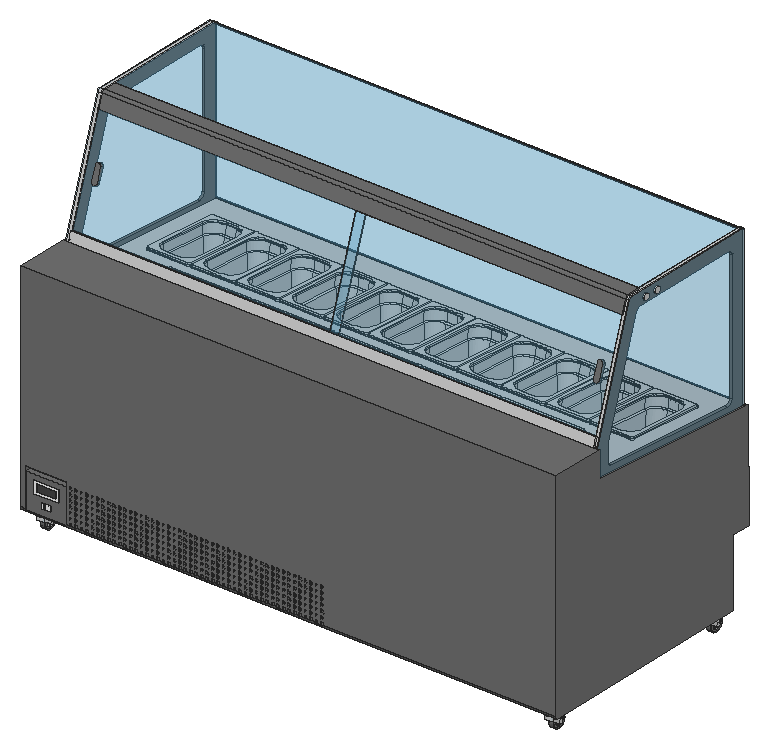
Revit family "QF_BLIZZARD_LUXE15_250923021827", category Specialty Equipment, Revit 2021
Family settings
  Round Connector Dimension = Use Diameter
  Part Type = Normal
  OmniClass Number = 23.40.40.14
  OmniClass Title = Food Service Equipment
  Work Plane-Based = No
  Always vertical = Yes
  Cut with Voids When Loaded = No
  Shared = No
  Room Calculation Point = No
Parameters (values of type "SUNDAE15")
  Weight [instance] = 402.00 kg
  Warranty Start Date [instance] = ""
  Warranty Duration [instance] = ""
  Volts [instance] = 230 V
  Volt Free Conn [instance] = no
  URL Recommended Spares List [instance] = ""
  URL Manufacturer [instance] = ""
  URL Cutsheet [instance] = ""
  URL Critical Spares List [instance] = ""
  URL = "www.blizzardequipment.com"
  Technical Documentation [instance] = ""
  Tag Number [instance] = ""
  Status [instance] = ""
  Start Up Current [instance] = 0 A
  Specification by User [instance] = ""
  Specification by Manufacturer [instance] = ""
  Sound Level [instance] = ""
  Show Logo [instance] = yes
  Show Clearances [instance] = yes
  Service Life Duration [instance] = ""
  Serial Number [instance] = ""
  Seismic Rating [instance] = ""
  SMACNA No [instance] = ""
  Revision Code [instance] = ""
  Revision [instance] = ""
  Production Year [instance] = ""
  Potential Equalisation [instance] = no
  Point Load [instance] = 0
  Phase [instance] = 1
  Other Equipment Approvals [instance] = ""
  Operational Current [instance] = 0 A
  Number of Poles [instance] = 2
  No Load Power Draw [instance] = no
  NAFEM Spec ID Number [instance] = ""
  Model Warning [instance] = ""
  Model = "LUXE15"
  Min Ckt Ampacity [instance] = 0 A
  Max Overcurrent Protection [instance] = 16 A
  Masterspec [instance] = ""
  Manufacturer = "BLIZZARD"
  Main switch integrated [instance] = no
  Length Actual [instance] = 1960 mm
  Item Number [instance] = ""
  Installed By [instance] = ""
  Installation Date [instance] = ""
  Identify Quantity as Lot [instance] = no
  ID [instance] = ""
  Hygiene Approval [instance] = ""
  Height Actual [instance] = 1300 mm
  HP power [instance] = ""
  Furnished By [instance] = ""
  Foodservice Equipment Identifier [instance] = no
  FL Amps [instance] = 13 A
  Electrical Remarks [instance] = ""
  Electric power [instance] = 2990 W
  Electric Connection Type [instance] = ""
  Elec Conn RI Height [instance] = 0 mm
  Elec Conn Connection Height [instance] = 0 mm
  ETL Approved [instance] = no
  Description = "15 PAN ICE CREAM SERVE OVER"
  Depth Actual [instance] = 880 mm
  Default Elevation = 0 mm
  Cycle [instance] = 50 Hz
  Cost = 5803
  Connection to energy optimisation system [instance] = yes
  Conn Plug [instance] = ""
  Conn Conduit [instance] = no
  Centralized building control system with digital interface [instance] = ""
  CSI MasterFormat [instance] = ""
  CE Approved [instance] = no
  Barcode [instance] = 0
  Author [instance] = ""
  Asset Identifier [instance] = ""
  Apparent Power [instance] = 2990 VA
  Accessory [instance] = no
Reference planes
  plane 1 "Center (Front/Back)": y = 0
  plane 2: z = 0
  plane 3 "Center (Left/Right)": x = 0
Forms (mm)
  Extrusion 1, solid, not visible
    sketch origin (100.005, -878.043, 110.005) x (1, 0, 0) y (0, 1, 0)
      loop
        line (-2, 2) -> (-2, -2) -> (2, -2) -> (2, 2) -> (-2, 2)
    from -2 to 2
Dimensions and locks
  locked: nested 2 to Extrusion 1 at 4
  locked: nested 2 to Extrusion 1 at 2
  aligned and locked: level to plane 2
Nested families
  nested 1: "QF_BLIZZARD_SUNDAE15_2920" at (0, 0, 0), type "SUNDAE15"
    with Weight 402.00 kg, Warranty Start Date "", Warranty Duration "", URL Cutsheet "", Technical Documentation "", Tag Number "", Status "", Specification by User "", Specification by Manufacturer "", Sound Level "", Solid Fuel Type "", Show Logo yes, Show Clearances yes, Service Life Duration "", Serial Number "", Seismic Rating "", SMACNA No "", Revision Code "", Revision "", Production Year "", Point Load 0, Other Equipment Approvals "", NAFEM Spec ID Number "", Model Warning "", Masterspec "", Length Actual 1960 mm, Item Number "", Installed By "", Installation Date "", Identify Quantity as Lot yes, ID "", Hygiene Approval "", Height Actual 1300 mm, Furnished By "", Foodservice Equipment Identifier yes, ETL Approved yes, Depth Actual 880 mm, CSI MasterFormat "", CE Approved yes, Barcode "", Asset Identifier "", Accessory no
  nested 2: "CONN_POINT_ELE_2D___Generic_Annotation" at (100.005, -880.043, 110.005), type "CONN_POINT_ELE_2D___Generic_Annotation"
    with Onboard connection annotation symbol visibility yes
Connectors
  electrical at (100.005, -880.043, 110.005), driven by "Apparent Power", driven by "Number of Poles", driven by "Volts"
    settings: on Extrusion 1, index 1, voltage 230 V, apparent load 0 VA, apparent load phase1 2990 VA, apparent load phase2 0 VA, apparent load phase3 0 VA, power factor 1, load classification "Other", number of poles 2, system type 31, power factor state 1, is connector primary yes, connector utility no, sub classification motor no, connector description "Electrical connection for LUXE15"
Definition of nested family "QF_BLIZZARD_SUNDAE15_2920"
  Parameters (values of type "SUNDAE15")
    Weight [instance] = 0.00 kg
    Warranty Start Date [instance] = ""
    Warranty Duration [instance] = ""
    URL Cutsheet [instance] = ""
    URL = "www.blizzardequipment.com"
    Technical Documentation [instance] = ""
    Tag Number [instance] = ""
    Status [instance] = ""
    Specification by User [instance] = ""
    Specification by Manufacturer [instance] = ""
    Sound Level [instance] = ""
    Solid Fuel Type [instance] = ""
    Show Logo [instance] = yes
    Show Clearances [instance] = yes
    Service Life Duration [instance] = ""
    Serial Number [instance] = ""
    Seismic Rating [instance] = ""
    SMACNA No [instance] = ""
    Revision Code [instance] = ""
    Revision [instance] = ""
    Production Year [instance] = ""
    Point Load [instance] = 0
    Other Equipment Approvals [instance] = ""
    NAFEM Spec ID Number [instance] = ""
    Model Warning [instance] = ""
    Model = "LUXE15"
    Masterspec [instance] = ""
    Manufacturer = "BLIZZARD"
    Length Actual [instance] = 0 mm
    Item Number [instance] = ""
    Installed By [instance] = ""
    Installation Date [instance] = ""
    Identify Quantity as Lot [instance] = yes
    ID [instance] = ""
    Hygiene Approval [instance] = ""
    Height Actual [instance] = 0 mm
    Furnished By [instance] = ""
    Foodservice Equipment Identifier [instance] = yes
    ETL Approved [instance] = yes
    Description = "15 PAN ICE CREAM SERVE OVER"
    Depth Actual [instance] = 0 mm
    Default Elevation = 0 mm
    CSI MasterFormat [instance] = ""
    CE Approved [instance] = yes
    Barcode [instance] = ""
    Author = "SPECIFI"
    Asset Identifier [instance] = ""
    Assembly Code = "E1090320"
    Accessory [instance] = yes
  Reference planes
    plane 1 "Back": y = 0
    plane 2: z = 0
    plane 3 "Left": x = 0
    plane 4 "Right": x = 1960
    plane 5 "Front": y = -880
    plane 6 "Top": z = 1300
  Forms (mm)
    Extrusion 1, solid
      sketch origin (1954.5, -20.5, -39.345) x (-1, 0, 0) y (0, -1, 0)
        loop
          line (56, 104) -> (58, 104)
          arc (58, 104) -> (44.5, 117.5) -> (31, 104) r 13.5
          line (31, 104) -> (33, 104)
          arc (33, 104) -> (44.5, 115.5) -> (56, 104) r 11.5
      from 61.345 to 98.345
    Extrusion 2, solid
      sketch origin (1923.5, -37.722, -47.526) x (0, 1, 0) y (0, 0, -1)
        loop
          line (-86.778, -84.526) -> (-86.778, -106.526) -> (-55.778, -106.526) -> (-55.778, -101.526) -> (-47.778, -72.526)
          arc (-47.778, -72.526) -> (-50.121, -66.869) -> (-55.778, -64.526) r 8
          line (-55.778, -64.526) -> (-86.778, -84.526)
      from 0 to 2
    Revolve 3, solid
      sketch origin (1941.5, -93.5, -25.119) x (-1, 0, 0) y (0, 0, -1)
        loop
          arc (23.5, -25.119) -> (22.086, -25.705) -> (21.5, -27.119) r 2
          line (21.5, -27.119) -> (21.5, -35.119) -> (41.5, -35.119) -> (41.5, -27.119)
          arc (41.5, -27.119) -> (40.914, -25.705) -> (39.5, -25.119) r 2
          line (39.5, -25.119) -> (23.5, -25.119)
        axis (21.5, -50.119) -> (41.5, -50.119)
      angle from 0 to 360
    Extrusion 4, solid
      sketch origin (1931.11, -17.705, -12.526) x (0, 1, 0) y (0, 0, -1)
        loop
          circle (-75.795, -37.526) r 6
      from 6.11 to 36.11
    Extrusion 5, solid
      sketch origin (1915, 628.948, -19.119) x (0, 1, 0) y (0, 0, -1)
        loop
          circle (-722.448, -44.119) r 13
      from 0 to 10
    Extrusion 6, solid
      sketch origin (406.431, 626.454, 57) x (-1, 0, 0) y (0, -1, 0)
        loop
          arc (-1492.069, 750.954) -> (-1503.569, 762.454) -> (-1515.069, 750.954) r 11.5
          line (-1515.069, 750.954) -> (-1515.069, 719.954) -> (-1492.069, 719.954) -> (-1492.069, 750.954)
      from 0 to 2
    Revolve 7, solid
      sketch origin (1910, -160.579, -32) x (0, -1, 0) y (0, 0, -1)
        loop
          line (-22.579, -91) -> (-41.579, -91) -> (-41.579, -101) -> (-17.579, -101)
          arc (-17.579, -101) -> (-18.286, -100.707) -> (-18.579, -100) r 1
          line (-18.579, -100) -> (-18.579, -94)
          arc (-18.579, -94) -> (-18.872, -93.293) -> (-19.579, -93) r 1
          line (-19.579, -93) -> (-22.579, -93) -> (-22.579, -91)
        axis (-41.579, -91) -> (-41.579, -101)
      angle from 0 to 360
    Extrusion 8, solid
      sketch origin (1898.5, -37.722, -47.526) x (0, 1, 0) y (0, 0, -1)
        loop
          line (-86.778, -84.526) -> (-86.778, -106.526) -> (-55.778, -106.526) -> (-55.778, -101.526) -> (-47.778, -72.526)
          arc (-47.778, -72.526) -> (-50.121, -66.869) -> (-55.778, -64.526) r 8
          line (-55.778, -64.526) -> (-86.778, -84.526)
      from 0 to 2
    Extrusion 9, solid
      sketch origin (2200.983, -471.844, 169.646) x (0, 1, 0) y (0, 0, -1)
        loop
          circle (378.344, 144.646) r 15
        loop
          circle (378.344, 144.646) r 13
      from 280.983 to 300.983
    Extrusion 10, solid
      sketch origin (2181.573, -106.052, 69) x (-1, 0, 0) y (0, -1, 0)
        loop
          line (241.573, -17.052) -> (301.573, -17.052) -> (301.573, 42.948) -> (241.573, 42.948) -> (241.573, -17.052)
      from 0 to 2
    Extrusion 11, solid
      sketch origin (1954.5, -740.5, -39.345) x (-1, 0, 0) y (0, -1, 0)
        loop
          line (56, 104) -> (58, 104)
          arc (58, 104) -> (44.5, 117.5) -> (31, 104) r 13.5
          line (31, 104) -> (33, 104)
          arc (33, 104) -> (44.5, 115.5) -> (56, 104) r 11.5
      from 61.345 to 98.345
    Extrusion 12, solid
      sketch origin (1923.5, -757.722, -47.526) x (0, 1, 0) y (0, 0, -1)
        loop
          line (-86.778, -84.526) -> (-86.778, -106.526) -> (-55.778, -106.526) -> (-55.778, -101.526) -> (-47.778, -72.526)
          arc (-47.778, -72.526) -> (-50.121, -66.869) -> (-55.778, -64.526) r 8
          line (-55.778, -64.526) -> (-86.778, -84.526)
      from 0 to 2
    Revolve 13, solid
      sketch origin (1941.5, -813.5, -25.119) x (-1, 0, 0) y (0, 0, -1)
        loop
          arc (23.5, -25.119) -> (22.086, -25.705) -> (21.5, -27.119) r 2
          line (21.5, -27.119) -> (21.5, -35.119) -> (41.5, -35.119) -> (41.5, -27.119)
          arc (41.5, -27.119) -> (40.914, -25.705) -> (39.5, -25.119) r 2
          line (39.5, -25.119) -> (23.5, -25.119)
        axis (21.5, -50.119) -> (41.5, -50.119)
      angle from 0 to 360
    Extrusion 14, solid
      sketch origin (1931.11, -737.705, -12.526) x (0, 1, 0) y (0, 0, -1)
        loop
          circle (-75.795, -37.526) r 6
      from 6.11 to 36.11
    Extrusion 15, solid
      sketch origin (1915, -91.052, -19.119) x (0, 1, 0) y (0, 0, -1)
        loop
          circle (-722.448, -44.119) r 13
      from 0 to 10
    Extrusion 16, solid
      sketch origin (406.431, -93.546, 57) x (-1, 0, 0) y (0, -1, 0)
        loop
          arc (-1492.069, 750.954) -> (-1503.569, 762.454) -> (-1515.069, 750.954) r 11.5
          line (-1515.069, 750.954) -> (-1515.069, 719.954) -> (-1492.069, 719.954) -> (-1492.069, 750.954)
      from 0 to 2
    Revolve 17, solid
      sketch origin (1910, -880.579, -32) x (0, -1, 0) y (0, 0, -1)
        loop
          line (-22.579, -91) -> (-41.579, -91) -> (-41.579, -101) -> (-17.579, -101)
          arc (-17.579, -101) -> (-18.286, -100.707) -> (-18.579, -100) r 1
          line (-18.579, -100) -> (-18.579, -94)
          arc (-18.579, -94) -> (-18.872, -93.293) -> (-19.579, -93) r 1
          line (-19.579, -93) -> (-22.579, -93) -> (-22.579, -91)
        axis (-41.579, -91) -> (-41.579, -101)
      angle from 0 to 360
    Extrusion 18, solid
      sketch origin (1898.5, -757.722, -47.526) x (0, 1, 0) y (0, 0, -1)
        loop
          line (-86.778, -84.526) -> (-86.778, -106.526) -> (-55.778, -106.526) -> (-55.778, -101.526) -> (-47.778, -72.526)
          arc (-47.778, -72.526) -> (-50.121, -66.869) -> (-55.778, -64.526) r 8
          line (-55.778, -64.526) -> (-86.778, -84.526)
      from 0 to 2
    Extrusion 19, solid
      sketch origin (2200.983, -1191.844, 169.646) x (0, 1, 0) y (0, 0, -1)
        loop
          circle (378.344, 144.646) r 15
        loop
          circle (378.344, 144.646) r 13
      from 280.983 to 300.983
    Extrusion 20, solid
      sketch origin (2181.573, -826.052, 69) x (-1, 0, 0) y (0, -1, 0)
        loop
          line (241.573, -17.052) -> (301.573, -17.052) -> (301.573, 42.948) -> (241.573, 42.948) -> (241.573, -17.052)
      from 0 to 2
    Extrusion 21, solid
      sketch origin (1920, -594, 0) x (0, -1, 0) y (0, 0, 1)
        loop
          line (-485, 57) -> (-510, 57) -> (-534.62, 61.341) -> (-534.967, 59.372) -> (-510.175, 55) -> (-485, 55) -> (-485, 57)
      from 0 to 20
    Extrusion 22, solid
      sketch origin (94.5, -20.5, -39.345) x (-1, 0, 0) y (0, -1, 0)
        loop
          line (56, 104) -> (58, 104)
          arc (58, 104) -> (44.5, 117.5) -> (31, 104) r 13.5
          line (31, 104) -> (33, 104)
          arc (33, 104) -> (44.5, 115.5) -> (56, 104) r 11.5
      from 61.345 to 98.345
    Extrusion 23, solid
      sketch origin (63.5, -37.722, -47.526) x (0, 1, 0) y (0, 0, -1)
        loop
          line (-86.778, -84.526) -> (-86.778, -106.526) -> (-55.778, -106.526) -> (-55.778, -101.526) -> (-47.778, -72.526)
          arc (-47.778, -72.526) -> (-50.121, -66.869) -> (-55.778, -64.526) r 8
          line (-55.778, -64.526) -> (-86.778, -84.526)
      from 0 to 2
    Revolve 24, solid
      sketch origin (81.5, -93.5, -25.119) x (-1, 0, 0) y (0, 0, -1)
        loop
          arc (23.5, -25.119) -> (22.086, -25.705) -> (21.5, -27.119) r 2
          line (21.5, -27.119) -> (21.5, -35.119) -> (41.5, -35.119) -> (41.5, -27.119)
          arc (41.5, -27.119) -> (40.914, -25.705) -> (39.5, -25.119) r 2
          line (39.5, -25.119) -> (23.5, -25.119)
        axis (21.5, -50.119) -> (41.5, -50.119)
      angle from 0 to 360
    Extrusion 25, solid
      sketch origin (71.11, -17.705, -12.526) x (0, 1, 0) y (0, 0, -1)
        loop
          circle (-75.795, -37.526) r 6
      from 6.11 to 36.11
    Extrusion 26, solid
      sketch origin (55, 628.948, -19.119) x (0, 1, 0) y (0, 0, -1)
        loop
          circle (-722.448, -44.119) r 13
      from 0 to 10
    Extrusion 27, solid
      sketch origin (-1453.569, 626.454, 57) x (-1, 0, 0) y (0, -1, 0)
        loop
          arc (-1492.069, 750.954) -> (-1503.569, 762.454) -> (-1515.069, 750.954) r 11.5
          line (-1515.069, 750.954) -> (-1515.069, 719.954) -> (-1492.069, 719.954) -> (-1492.069, 750.954)
      from 0 to 2
    Revolve 28, solid
      sketch origin (50, -160.579, -32) x (0, -1, 0) y (0, 0, -1)
        loop
          line (-22.579, -91) -> (-41.579, -91) -> (-41.579, -101) -> (-17.579, -101)
          arc (-17.579, -101) -> (-18.286, -100.707) -> (-18.579, -100) r 1
          line (-18.579, -100) -> (-18.579, -94)
          arc (-18.579, -94) -> (-18.872, -93.293) -> (-19.579, -93) r 1
          line (-19.579, -93) -> (-22.579, -93) -> (-22.579, -91)
        axis (-41.579, -91) -> (-41.579, -101)
      angle from 0 to 360
    Extrusion 29, solid
      sketch origin (38.5, -37.722, -47.526) x (0, 1, 0) y (0, 0, -1)
        loop
          line (-86.778, -84.526) -> (-86.778, -106.526) -> (-55.778, -106.526) -> (-55.778, -101.526) -> (-47.778, -72.526)
          arc (-47.778, -72.526) -> (-50.121, -66.869) -> (-55.778, -64.526) r 8
          line (-55.778, -64.526) -> (-86.778, -84.526)
      from 0 to 2
    Extrusion 30, solid
      sketch origin (340.983, -471.844, 169.646) x (0, 1, 0) y (0, 0, -1)
        loop
          circle (378.344, 144.646) r 15
        loop
          circle (378.344, 144.646) r 13
      from 280.983 to 300.983
    Extrusion 31, solid
      sketch origin (321.573, -106.052, 69) x (-1, 0, 0) y (0, -1, 0)
        loop
          line (241.573, -17.052) -> (301.573, -17.052) -> (301.573, 42.948) -> (241.573, 42.948) -> (241.573, -17.052)
      from 0 to 2
    Extrusion 32, solid
      sketch origin (94.5, -740.5, -39.345) x (-1, 0, 0) y (0, -1, 0)
        loop
          line (56, 104) -> (58, 104)
          arc (58, 104) -> (44.5, 117.5) -> (31, 104) r 13.5
          line (31, 104) -> (33, 104)
          arc (33, 104) -> (44.5, 115.5) -> (56, 104) r 11.5
      from 61.345 to 98.345
    Extrusion 33, solid
      sketch origin (63.5, -757.722, -47.526) x (0, 1, 0) y (0, 0, -1)
        loop
          line (-86.778, -84.526) -> (-86.778, -106.526) -> (-55.778, -106.526) -> (-55.778, -101.526) -> (-47.778, -72.526)
          arc (-47.778, -72.526) -> (-50.121, -66.869) -> (-55.778, -64.526) r 8
          line (-55.778, -64.526) -> (-86.778, -84.526)
      from 0 to 2
    Revolve 34, solid
      sketch origin (81.5, -813.5, -25.119) x (-1, 0, 0) y (0, 0, -1)
        loop
          arc (23.5, -25.119) -> (22.086, -25.705) -> (21.5, -27.119) r 2
          line (21.5, -27.119) -> (21.5, -35.119) -> (41.5, -35.119) -> (41.5, -27.119)
          arc (41.5, -27.119) -> (40.914, -25.705) -> (39.5, -25.119) r 2
          line (39.5, -25.119) -> (23.5, -25.119)
        axis (21.5, -50.119) -> (41.5, -50.119)
      angle from 0 to 360
    Extrusion 35, solid
      sketch origin (71.11, -737.705, -12.526) x (0, 1, 0) y (0, 0, -1)
        loop
          circle (-75.795, -37.526) r 6
      from 6.11 to 36.11
    Extrusion 36, solid
      sketch origin (55, -91.052, -19.119) x (0, 1, 0) y (0, 0, -1)
        loop
          circle (-722.448, -44.119) r 13
      from 0 to 10
    Extrusion 37, solid
      sketch origin (-1453.569, -93.546, 57) x (-1, 0, 0) y (0, -1, 0)
        loop
          arc (-1492.069, 750.954) -> (-1503.569, 762.454) -> (-1515.069, 750.954) r 11.5
          line (-1515.069, 750.954) -> (-1515.069, 719.954) -> (-1492.069, 719.954) -> (-1492.069, 750.954)
      from 0 to 2
    Revolve 38, solid
      sketch origin (50, -880.579, -32) x (0, -1, 0) y (0, 0, -1)
        loop
          line (-22.579, -91) -> (-41.579, -91) -> (-41.579, -101) -> (-17.579, -101)
          arc (-17.579, -101) -> (-18.286, -100.707) -> (-18.579, -100) r 1
          line (-18.579, -100) -> (-18.579, -94)
          arc (-18.579, -94) -> (-18.872, -93.293) -> (-19.579, -93) r 1
          line (-19.579, -93) -> (-22.579, -93) -> (-22.579, -91)
        axis (-41.579, -91) -> (-41.579, -101)
      angle from 0 to 360
    Extrusion 39, solid
      sketch origin (38.5, -757.722, -47.526) x (0, 1, 0) y (0, 0, -1)
        loop
          line (-86.778, -84.526) -> (-86.778, -106.526) -> (-55.778, -106.526) -> (-55.778, -101.526) -> (-47.778, -72.526)
          arc (-47.778, -72.526) -> (-50.121, -66.869) -> (-55.778, -64.526) r 8
          line (-55.778, -64.526) -> (-86.778, -84.526)
      from 0 to 2
    Extrusion 40, solid
      sketch origin (340.983, -1191.844, 169.646) x (0, 1, 0) y (0, 0, -1)
        loop
          circle (378.344, 144.646) r 15
        loop
          circle (378.344, 144.646) r 13
      from 280.983 to 300.983
    Extrusion 41, solid
      sketch origin (321.573, -826.052, 69) x (-1, 0, 0) y (0, -1, 0)
        loop
          line (241.573, -17.052) -> (301.573, -17.052) -> (301.573, 42.948) -> (241.573, 42.948) -> (241.573, -17.052)
      from 0 to 2
    Extrusion 42, solid
      sketch origin (60, -594, 0) x (0, -1, 0) y (0, 0, 1)
        loop
          line (-485, 57) -> (-510, 57) -> (-534.62, 61.341) -> (-534.967, 59.372) -> (-510.175, 55) -> (-485, 55) -> (-485, 57)
      from 0 to 20
    Extrusion 43, void
      sketch origin (1950, -879, 0) x (0, -1, 0) y (0, 0, 1)
        loop
          line (-10.5, 52.484) -> (-34.5, 37) -> (-34.5, 57) -> (-58.5, 57) -> (-58.5, 22) -> (-10.5, 22) -> (-10.5, 52.484)
      from 26.5 to 53.5
    Extrusion 44, void
      sketch origin (1950, -159, 0) x (0, -1, 0) y (0, 0, 1)
        loop
          line (-10.5, 52.484) -> (-34.5, 37) -> (-34.5, 57) -> (-58.5, 57) -> (-58.5, 22) -> (-10.5, 22) -> (-10.5, 52.484)
      from 26.5 to 53.5
    Extrusion 45, void
      sketch origin (90, -879, 0) x (0, -1, 0) y (0, 0, 1)
        loop
          line (-10.5, 52.484) -> (-34.5, 37) -> (-34.5, 57) -> (-58.5, 57) -> (-58.5, 22) -> (-10.5, 22) -> (-10.5, 52.484)
      from 26.5 to 53.5
    Extrusion 46, void
      sketch origin (90, -159, 0) x (0, -1, 0) y (0, 0, 1)
        loop
          line (-10.5, 52.484) -> (-34.5, 37) -> (-34.5, 57) -> (-58.5, 57) -> (-58.5, 22) -> (-10.5, 22) -> (-10.5, 52.484)
      from 26.5 to 53.5
    Extrusion 47, solid
      sketch origin (1975, -843.5, 665) x (0, -1, 0) y (0, 0, 1)
        loop
          line (-834.5, 625) -> (-834.5, 54) -> (-829.5, 54) -> (-829.5, 625)
          arc (-829.5, 625) -> (-828.036, 628.536) -> (-824.5, 630) r 5
          line (-824.5, 630) -> (-370.038, 630) -> (-370.038, 635) -> (-824.5, 635)
          arc (-824.5, 635) -> (-831.571, 632.071) -> (-834.5, 625) r 10
      from 35 to 1955
    Extrusion 48, solid
      sketch origin (1960, -463.462, 706) x (0, -1, 0) y (0, 0, 1)
        loop
          circle (-50, 569) r 10
      from 0 to 5
    Extrusion 49, solid
      sketch origin (1985, -911, 547) x (0, -1, 0) y (0, 0, 1)
        loop
          line (-387.538, 751) -> (-892, 751)
          arc (-892, 751) -> (-897.657, 748.657) -> (-900, 743) r 8
          line (-900, 743) -> (-900, 172) -> (-232, 172) -> (-232, 315.857) -> (-379.974, 745.605)
          arc (-379.974, 745.605) -> (-382.893, 749.513) -> (-387.538, 751) r 8
        loop
          line (-283.09, 316.797) -> (-411.425, 689.511)
          arc (-411.425, 689.511) -> (-418.722, 699.282) -> (-430.336, 703) r 20
          line (-430.336, 703) -> (-832, 703)
          arc (-832, 703) -> (-846.142, 697.142) -> (-852, 683) r 20
          line (-852, 683) -> (-852, 213.678)
          arc (-852, 213.678) -> (-845.562, 198.978) -> (-830.392, 193.743) r 20
          line (-830.392, 193.743) -> (-300.392, 236.484)
          arc (-300.392, 236.484) -> (-287.3, 242.858) -> (-282, 256.42) r 20
          line (-282, 256.42) -> (-282, 310.286)
          arc (-282, 310.286) -> (-282.274, 313.587) -> (-283.09, 316.797) r 20
      from 35 to 45
    Extrusion 50, solid
      sketch origin (1960, -413.462, 706) x (0, 1, 0) y (0, 0, -1)
        loop
          circle (-50, -569) r 10
      from 0 to 5
    Extrusion 51, solid
      sketch origin (0, -463.462, 706) x (0, -1, 0) y (0, 0, -1)
        loop
          circle (-50, -569) r 10
      from 0 to 5
    Extrusion 52, solid
      sketch origin (0, -413.462, 706) x (0, 1, 0) y (0, 0, 1)
        loop
          circle (-50, 569) r 10
      from 0 to 5
    Extrusion 53, solid
      sketch origin (1240, -901, -7) x (0, -1, 0) y (0, 0, -1)
        loop
          line (-222, -876) -> (-22, -876) -> (-22, -88)
          arc (-22, -88) -> (-24.929, -80.929) -> (-32, -78) r 10
          line (-32, -78) -> (-832, -78) -> (-832, -328) -> (-902, -328) -> (-902, -716)
          arc (-902, -716) -> (-899.071, -723.071) -> (-892, -726) r 10
          line (-892, -726) -> (-222, -780.032) -> (-222, -876)
      from -1240 to 720
    Extrusion 54, solid
      sketch origin (1935, -520.693, -9.47) x (0, -0.919003, -0.39425) y (0, -0.39425, 0.919003)
        loop
          line (-222.149, 893.201) -> (-468.767, 1165) -> (-472.47, 1161.64) -> (-225.852, 889.842) -> (-222.149, 893.201)
      from -5 to 970
    Extrusion 55, solid
      sketch origin (355, -514.488, -6.809) x (0, -0.919003, -0.39425) y (0, -0.39425, 0.919003)
        loop
          line (-219.1, 889.842) -> (-465.718, 1161.64) -> (-469.421, 1158.28) -> (-222.803, 886.482) -> (-219.1, 889.842)
      from -640 to 335
    Extrusion 56, solid
      sketch origin (1980, -520.693, -9.47) x (0, -0.919003, -0.39425) y (0, -0.39425, 0.919003)
        loop
          line (-197.936, 870.981) -> (-219.927, 895.217) -> (-231.777, 884.466) -> (-185.109, 833.034) -> (-200.852, 869.73) -> (-197.936, 870.981)
      from 40 to 1960
    Extrusion 57, solid
      sketch origin (2467.067, -944.18, 101.934) x (-1, 0, 0) y (0, 0.325568, 0.945519)
        loop
          line (557.067, 1051.807) -> (557.067, 1001.807)
          arc (557.067, 1001.807) -> (567.067, 991.807) -> (577.067, 1001.807) r 10
          line (577.067, 1001.807) -> (577.067, 1051.807)
          arc (577.067, 1051.807) -> (567.067, 1061.807) -> (557.067, 1051.807) r 10
      from 0 to 7
    Extrusion 58, solid
      sketch origin (627.067, -939.452, 100.306) x (-1, 0, 0) y (0, 0.325568, 0.945519)
        loop
          arc (577.067, 1051.807) -> (567.067, 1061.807) -> (557.067, 1051.807) r 10
          line (557.067, 1051.807) -> (557.067, 1001.807)
          arc (557.067, 1001.807) -> (567.067, 991.807) -> (577.067, 1001.807) r 10
          line (577.067, 1001.807) -> (577.067, 1051.807)
      from 0 to 7
    Extrusion 59, solid
      sketch origin (1990, -901, 547) x (0, -1, 0) y (0, 0, 1)
        loop
          line (-377.538, 753) -> (-882, 753)
          arc (-882, 753) -> (-889.071, 750.071) -> (-892, 743) r 10
          line (-892, 743) -> (-892, 172) -> (-222, 172) -> (-222, 322) -> (-368.083, 746.256)
          arc (-368.083, 746.256) -> (-371.731, 751.141) -> (-377.538, 753) r 10
      from 35 to 40
    Extrusion 60, solid
      sketch origin (1985, -861, 547) x (0, -1, 0) y (0, 0, 1)
        loop
          line (-337.538, 753) -> (-842, 753)
          arc (-842, 753) -> (-849.071, 750.071) -> (-852, 743) r 10
          line (-852, 743) -> (-852, 172) -> (-850, 172) -> (-850, 743)
          arc (-850, 743) -> (-847.657, 748.657) -> (-842, 751) r 8
          line (-842, 751) -> (-337.538, 751)
          arc (-337.538, 751) -> (-332.893, 749.513) -> (-329.974, 745.605) r 8
          line (-329.974, 745.605) -> (-182, 315.857) -> (-182, 322) -> (-328.083, 746.256)
          arc (-328.083, 746.256) -> (-331.731, 751.141) -> (-337.538, 753) r 10
      from 35 to 45
    Extrusion 61, solid
      sketch origin (1940, -879, 0) x (0, -1, 0) y (0, 0, 1)
        loop
          line (-355.538, 1300) -> (-405.538, 1300) -> (-405.538, 1250) -> (-398.336, 1250)
          arc (-398.336, 1250) -> (-386.722, 1246.282) -> (-379.425, 1236.511) r 20
          line (-379.425, 1236.511) -> (-377.08, 1229.701) -> (-329.805, 1245.98) -> (-346.083, 1293.256)
          arc (-346.083, 1293.256) -> (-349.731, 1298.141) -> (-355.538, 1300) r 10
      from 0 to 1920
    Extrusion 62, solid
      sketch origin (-25, -911, 547) x (0, -1, 0) y (0, 0, -1)
        loop
          arc (-387.538, -751) -> (-382.893, -749.513) -> (-379.974, -745.605) r 8
          line (-379.974, -745.605) -> (-232, -315.857) -> (-232, -172) -> (-900, -172) -> (-900, -743)
          arc (-900, -743) -> (-897.657, -748.657) -> (-892, -751) r 8
          line (-892, -751) -> (-387.538, -751)
        loop
          arc (-283.09, -316.797) -> (-282.274, -313.587) -> (-282, -310.286) r 20
          line (-282, -310.286) -> (-282, -256.42)
          arc (-282, -256.42) -> (-287.3, -242.858) -> (-300.392, -236.484) r 20
          line (-300.392, -236.484) -> (-830.392, -193.743)
          arc (-830.392, -193.743) -> (-845.562, -198.978) -> (-852, -213.678) r 20
          line (-852, -213.678) -> (-852, -683)
          arc (-852, -683) -> (-846.142, -697.142) -> (-832, -703) r 20
          line (-832, -703) -> (-430.336, -703)
          arc (-430.336, -703) -> (-418.722, -699.282) -> (-411.425, -689.511) r 20
          line (-411.425, -689.511) -> (-283.09, -316.797)
      from 35 to 45
    Extrusion 63, solid
      sketch origin (-30, -901, 547) x (0, -1, 0) y (0, 0, -1)
        loop
          arc (-377.538, -753) -> (-371.731, -751.141) -> (-368.083, -746.256) r 10
          line (-368.083, -746.256) -> (-222, -322) -> (-222, -172) -> (-892, -172) -> (-892, -743)
          arc (-892, -743) -> (-889.071, -750.071) -> (-882, -753) r 10
          line (-882, -753) -> (-377.538, -753)
      from 35 to 40
    Extrusion 64, solid
      sketch origin (-25, -861, 547) x (0, -1, 0) y (0, 0, -1)
        loop
          arc (-337.538, -753) -> (-331.731, -751.141) -> (-328.083, -746.256) r 10
          line (-328.083, -746.256) -> (-182, -322) -> (-182, -315.857) -> (-329.974, -745.605)
          arc (-329.974, -745.605) -> (-332.893, -749.513) -> (-337.538, -751) r 8
          line (-337.538, -751) -> (-842, -751)
          arc (-842, -751) -> (-847.657, -748.657) -> (-850, -743) r 8
          line (-850, -743) -> (-850, -172) -> (-852, -172) -> (-852, -743)
          arc (-852, -743) -> (-849.071, -750.071) -> (-842, -753) r 10
          line (-842, -753) -> (-337.538, -753)
      from 35 to 45
    Sweep 65, solid
      path origin (1544, -390, 608.268) x (0, 0.996764, -0.080384) y (-1, 0, 0)
        loop
          line (22.985, -289.089) -> (202.015, -289.089)
          arc (202.015, -289.089) -> (219.402, -281.887) -> (226.604, -264.5) r 24.589
          line (226.604, -264.5) -> (226.604, -227.5)
          arc (226.604, -227.5) -> (219.402, -210.113) -> (202.015, -202.911) r 24.589
          line (202.015, -202.911) -> (22.985, -202.911)
          arc (22.985, -202.911) -> (5.598, -210.113) -> (-1.604, -227.5) r 24.589
          line (-1.604, -227.5) -> (-1.604, -264.5)
          arc (-1.604, -264.5) -> (5.598, -281.887) -> (22.985, -289.089) r 24.589
      profile origin (1833.089, -277.864, 599.225) x (-1, 0, 0) y (0, 0.080384, 0.996764)
        loop
          arc (0, 2) -> (-9.637, 5.845) -> (-13.981, 15.267) r 14
          line (-13.981, 15.267) -> (-18.689, 105.106) -> (-23.411, 109.828) -> (-23.411, 143) -> (-25.411, 143) -> (-25.411, 109) -> (-20.646, 104.235) -> (-15.978, 15.163)
          arc (-15.978, 15.163) -> (-11.014, 4.394) -> (0, 0) r 16
          line (0, 0) -> (0, 2)
    Extrusion 66, solid
      sketch origin (1544, -389.598, 613.252) x (0, 0.996764, -0.080384) y (-1, 0, 0)
        loop
          line (-40, -174) -> (-40, -318)
          arc (-40, -318) -> (-37.364, -324.364) -> (-31, -327) r 9
          line (-31, -327) -> (256, -327)
          arc (256, -327) -> (262.364, -324.364) -> (265, -318) r 9
          line (265, -318) -> (265, -174)
          arc (265, -174) -> (262.364, -167.636) -> (256, -165) r 9
          line (256, -165) -> (-31, -165)
          arc (-31, -165) -> (-37.364, -167.636) -> (-40, -174) r 9
        loop
          arc (-25.015, -264.5) -> (-10.957, -298.441) -> (22.985, -312.5) r 48
          line (22.985, -312.5) -> (202.2, -312.5)
          arc (202.2, -312.5) -> (236.011, -298.495) -> (250.015, -264.685) r 47.815
          line (250.015, -264.685) -> (250.015, -227.5)
          arc (250.015, -227.5) -> (235.957, -193.559) -> (202.015, -179.5) r 48
          line (202.015, -179.5) -> (22.985, -179.5)
          arc (22.985, -179.5) -> (-10.957, -193.559) -> (-25.015, -227.5) r 48
          line (-25.015, -227.5) -> (-25.015, -264.5)
      from 138 to 140
    Extrusion 67, solid
      sketch origin (1544, -389.598, 613.252) x (0, 0.996764, -0.080384) y (-1, 0, 0)
        loop
          arc (-37, -318) -> (-35.243, -322.243) -> (-31, -324) r 6
          line (-31, -324) -> (256, -324)
          arc (256, -324) -> (260.243, -322.243) -> (262, -318) r 6
          line (262, -318) -> (262, -174)
          arc (262, -174) -> (260.243, -169.757) -> (256, -168) r 6
          line (256, -168) -> (-31, -168)
          arc (-31, -168) -> (-35.243, -169.757) -> (-37, -174) r 6
          line (-37, -174) -> (-37, -318)
        loop
          arc (-25.015, -264.5) -> (-10.957, -298.441) -> (22.985, -312.5) r 48
          line (22.985, -312.5) -> (202.015, -312.5)
          arc (202.015, -312.5) -> (235.957, -298.441) -> (250.015, -264.5) r 48
          line (250.015, -264.5) -> (250.015, -227.5)
          arc (250.015, -227.5) -> (235.957, -193.559) -> (202.015, -179.5) r 48
          line (202.015, -179.5) -> (22.985, -179.5)
          arc (22.985, -179.5) -> (-10.957, -193.559) -> (-25.015, -227.5) r 48
          line (-25.015, -227.5) -> (-25.015, -264.5)
      from 140 to 145
    Extrusion 68, solid
      sketch origin (1544, 28.641, 574.507) x (0, 0.996764, -0.080384) y (-1, 0, 0)
        loop
          arc (-397.015, -202.911) -> (-414.402, -210.113) -> (-421.604, -227.5) r 24.589
          line (-421.604, -227.5) -> (-421.604, -264.5)
          arc (-421.604, -264.5) -> (-414.402, -281.887) -> (-397.015, -289.089) r 24.589
          line (-397.015, -289.089) -> (-217.8, -289.089)
          arc (-217.8, -289.089) -> (-200.544, -281.941) -> (-193.396, -264.685) r 24.404
          line (-193.396, -264.685) -> (-193.396, -227.315)
          arc (-193.396, -227.315) -> (-200.544, -210.059) -> (-217.8, -202.911) r 24.404
          line (-217.8, -202.911) -> (-397.015, -202.911)
      from 0 to 2
    Sweep 69, solid
      path origin (1382, -390, 608.268) x (0, 0.996764, -0.080384) y (-1, 0, 0)
        loop
          line (22.985, -289.089) -> (202.015, -289.089)
          arc (202.015, -289.089) -> (219.402, -281.887) -> (226.604, -264.5) r 24.589
          line (226.604, -264.5) -> (226.604, -227.5)
          arc (226.604, -227.5) -> (219.402, -210.113) -> (202.015, -202.911) r 24.589
          line (202.015, -202.911) -> (22.985, -202.911)
          arc (22.985, -202.911) -> (5.598, -210.113) -> (-1.604, -227.5) r 24.589
          line (-1.604, -227.5) -> (-1.604, -264.5)
          arc (-1.604, -264.5) -> (5.598, -281.887) -> (22.985, -289.089) r 24.589
      profile origin (1671.089, -277.864, 599.225) x (-1, 0, 0) y (0, 0.080384, 0.996764)
        loop
          arc (0, 2) -> (-9.637, 5.845) -> (-13.981, 15.267) r 14
          line (-13.981, 15.267) -> (-18.689, 105.106) -> (-23.411, 109.828) -> (-23.411, 143) -> (-25.411, 143) -> (-25.411, 109) -> (-20.646, 104.235) -> (-15.978, 15.163)
          arc (-15.978, 15.163) -> (-11.014, 4.394) -> (0, 0) r 16
          line (0, 0) -> (0, 2)
    Extrusion 70, solid
      sketch origin (1382, -389.598, 613.252) x (0, 0.996764, -0.080384) y (-1, 0, 0)
        loop
          line (-40, -174) -> (-40, -318)
          arc (-40, -318) -> (-37.364, -324.364) -> (-31, -327) r 9
          line (-31, -327) -> (256, -327)
          arc (256, -327) -> (262.364, -324.364) -> (265, -318) r 9
          line (265, -318) -> (265, -174)
          arc (265, -174) -> (262.364, -167.636) -> (256, -165) r 9
          line (256, -165) -> (-31, -165)
          arc (-31, -165) -> (-37.364, -167.636) -> (-40, -174) r 9
        loop
          arc (-25.015, -264.5) -> (-10.957, -298.441) -> (22.985, -312.5) r 48
          line (22.985, -312.5) -> (202.2, -312.5)
          arc (202.2, -312.5) -> (236.011, -298.495) -> (250.015, -264.685) r 47.815
          line (250.015, -264.685) -> (250.015, -227.5)
          arc (250.015, -227.5) -> (235.957, -193.559) -> (202.015, -179.5) r 48
          line (202.015, -179.5) -> (22.985, -179.5)
          arc (22.985, -179.5) -> (-10.957, -193.559) -> (-25.015, -227.5) r 48
          line (-25.015, -227.5) -> (-25.015, -264.5)
      from 138 to 140
    Extrusion 71, solid
      sketch origin (1382, -389.598, 613.252) x (0, 0.996764, -0.080384) y (-1, 0, 0)
        loop
          arc (-37, -318) -> (-35.243, -322.243) -> (-31, -324) r 6
          line (-31, -324) -> (256, -324)
          arc (256, -324) -> (260.243, -322.243) -> (262, -318) r 6
          line (262, -318) -> (262, -174)
          arc (262, -174) -> (260.243, -169.757) -> (256, -168) r 6
          line (256, -168) -> (-31, -168)
          arc (-31, -168) -> (-35.243, -169.757) -> (-37, -174) r 6
          line (-37, -174) -> (-37, -318)
        loop
          arc (-25.015, -264.5) -> (-10.957, -298.441) -> (22.985, -312.5) r 48
          line (22.985, -312.5) -> (202.015, -312.5)
          arc (202.015, -312.5) -> (235.957, -298.441) -> (250.015, -264.5) r 48
          line (250.015, -264.5) -> (250.015, -227.5)
          arc (250.015, -227.5) -> (235.957, -193.559) -> (202.015, -179.5) r 48
          line (202.015, -179.5) -> (22.985, -179.5)
          arc (22.985, -179.5) -> (-10.957, -193.559) -> (-25.015, -227.5) r 48
          line (-25.015, -227.5) -> (-25.015, -264.5)
      from 140 to 145
    Extrusion 72, solid
      sketch origin (1382, 28.641, 574.507) x (0, 0.996764, -0.080384) y (-1, 0, 0)
        loop
          arc (-397.015, -202.911) -> (-414.402, -210.113) -> (-421.604, -227.5) r 24.589
          line (-421.604, -227.5) -> (-421.604, -264.5)
          arc (-421.604, -264.5) -> (-414.402, -281.887) -> (-397.015, -289.089) r 24.589
          line (-397.015, -289.089) -> (-217.8, -289.089)
          arc (-217.8, -289.089) -> (-200.544, -281.941) -> (-193.396, -264.685) r 24.404
          line (-193.396, -264.685) -> (-193.396, -227.315)
          arc (-193.396, -227.315) -> (-200.544, -210.059) -> (-217.8, -202.911) r 24.404
          line (-217.8, -202.911) -> (-397.015, -202.911)
      from 0 to 2
    Sweep 73, solid
      path origin (1220, -390, 608.268) x (0, 0.996764, -0.080384) y (-1, 0, 0)
        loop
          line (22.985, -289.089) -> (202.015, -289.089)
          arc (202.015, -289.089) -> (219.402, -281.887) -> (226.604, -264.5) r 24.589
          line (226.604, -264.5) -> (226.604, -227.5)
          arc (226.604, -227.5) -> (219.402, -210.113) -> (202.015, -202.911) r 24.589
          line (202.015, -202.911) -> (22.985, -202.911)
          arc (22.985, -202.911) -> (5.598, -210.113) -> (-1.604, -227.5) r 24.589
          line (-1.604, -227.5) -> (-1.604, -264.5)
          arc (-1.604, -264.5) -> (5.598, -281.887) -> (22.985, -289.089) r 24.589
      profile origin (1509.089, -277.864, 599.225) x (-1, 0, 0) y (0, 0.080384, 0.996764)
        loop
          arc (0, 2) -> (-9.637, 5.845) -> (-13.981, 15.267) r 14
          line (-13.981, 15.267) -> (-18.689, 105.106) -> (-23.411, 109.828) -> (-23.411, 143) -> (-25.411, 143) -> (-25.411, 109) -> (-20.646, 104.235) -> (-15.978, 15.163)
          arc (-15.978, 15.163) -> (-11.014, 4.394) -> (0, 0) r 16
          line (0, 0) -> (0, 2)
    Extrusion 74, solid
      sketch origin (1220, -389.598, 613.252) x (0, 0.996764, -0.080384) y (-1, 0, 0)
        loop
          line (-40, -174) -> (-40, -318)
          arc (-40, -318) -> (-37.364, -324.364) -> (-31, -327) r 9
          line (-31, -327) -> (256, -327)
          arc (256, -327) -> (262.364, -324.364) -> (265, -318) r 9
          line (265, -318) -> (265, -174)
          arc (265, -174) -> (262.364, -167.636) -> (256, -165) r 9
          line (256, -165) -> (-31, -165)
          arc (-31, -165) -> (-37.364, -167.636) -> (-40, -174) r 9
        loop
          arc (-25.015, -264.5) -> (-10.957, -298.441) -> (22.985, -312.5) r 48
          line (22.985, -312.5) -> (202.2, -312.5)
          arc (202.2, -312.5) -> (236.011, -298.495) -> (250.015, -264.685) r 47.815
          line (250.015, -264.685) -> (250.015, -227.5)
          arc (250.015, -227.5) -> (235.957, -193.559) -> (202.015, -179.5) r 48
          line (202.015, -179.5) -> (22.985, -179.5)
          arc (22.985, -179.5) -> (-10.957, -193.559) -> (-25.015, -227.5) r 48
          line (-25.015, -227.5) -> (-25.015, -264.5)
      from 138 to 140
    Extrusion 75, solid
      sketch origin (1220, -389.598, 613.252) x (0, 0.996764, -0.080384) y (-1, 0, 0)
        loop
          arc (-37, -318) -> (-35.243, -322.243) -> (-31, -324) r 6
          line (-31, -324) -> (256, -324)
          arc (256, -324) -> (260.243, -322.243) -> (262, -318) r 6
          line (262, -318) -> (262, -174)
          arc (262, -174) -> (260.243, -169.757) -> (256, -168) r 6
          line (256, -168) -> (-31, -168)
          arc (-31, -168) -> (-35.243, -169.757) -> (-37, -174) r 6
          line (-37, -174) -> (-37, -318)
        loop
          arc (-25.015, -264.5) -> (-10.957, -298.441) -> (22.985, -312.5) r 48
          line (22.985, -312.5) -> (202.015, -312.5)
          arc (202.015, -312.5) -> (235.957, -298.441) -> (250.015, -264.5) r 48
          line (250.015, -264.5) -> (250.015, -227.5)
          arc (250.015, -227.5) -> (235.957, -193.559) -> (202.015, -179.5) r 48
          line (202.015, -179.5) -> (22.985, -179.5)
          arc (22.985, -179.5) -> (-10.957, -193.559) -> (-25.015, -227.5) r 48
          line (-25.015, -227.5) -> (-25.015, -264.5)
      from 140 to 145
    Extrusion 76, solid
      sketch origin (1220, 28.641, 574.507) x (0, 0.996764, -0.080384) y (-1, 0, 0)
        loop
          arc (-397.015, -202.911) -> (-414.402, -210.113) -> (-421.604, -227.5) r 24.589
          line (-421.604, -227.5) -> (-421.604, -264.5)
          arc (-421.604, -264.5) -> (-414.402, -281.887) -> (-397.015, -289.089) r 24.589
          line (-397.015, -289.089) -> (-217.8, -289.089)
          arc (-217.8, -289.089) -> (-200.544, -281.941) -> (-193.396, -264.685) r 24.404
          line (-193.396, -264.685) -> (-193.396, -227.315)
          arc (-193.396, -227.315) -> (-200.544, -210.059) -> (-217.8, -202.911) r 24.404
          line (-217.8, -202.911) -> (-397.015, -202.911)
      from 0 to 2
    Sweep 77, solid
      path origin (1058, -390, 608.268) x (0, 0.996764, -0.080384) y (-1, 0, 0)
        loop
          line (22.985, -289.089) -> (202.015, -289.089)
          arc (202.015, -289.089) -> (219.402, -281.887) -> (226.604, -264.5) r 24.589
          line (226.604, -264.5) -> (226.604, -227.5)
          arc (226.604, -227.5) -> (219.402, -210.113) -> (202.015, -202.911) r 24.589
          line (202.015, -202.911) -> (22.985, -202.911)
          arc (22.985, -202.911) -> (5.598, -210.113) -> (-1.604, -227.5) r 24.589
          line (-1.604, -227.5) -> (-1.604, -264.5)
          arc (-1.604, -264.5) -> (5.598, -281.887) -> (22.985, -289.089) r 24.589
      profile origin (1347.089, -277.864, 599.225) x (-1, 0, 0) y (0, 0.080384, 0.996764)
        loop
          arc (0, 2) -> (-9.637, 5.845) -> (-13.981, 15.267) r 14
          line (-13.981, 15.267) -> (-18.689, 105.106) -> (-23.411, 109.828) -> (-23.411, 143) -> (-25.411, 143) -> (-25.411, 109) -> (-20.646, 104.235) -> (-15.978, 15.163)
          arc (-15.978, 15.163) -> (-11.014, 4.394) -> (0, 0) r 16
          line (0, 0) -> (0, 2)
    Extrusion 78, solid
      sketch origin (1058, -389.598, 613.252) x (0, 0.996764, -0.080384) y (-1, 0, 0)
        loop
          line (-40, -174) -> (-40, -318)
          arc (-40, -318) -> (-37.364, -324.364) -> (-31, -327) r 9
          line (-31, -327) -> (256, -327)
          arc (256, -327) -> (262.364, -324.364) -> (265, -318) r 9
          line (265, -318) -> (265, -174)
          arc (265, -174) -> (262.364, -167.636) -> (256, -165) r 9
          line (256, -165) -> (-31, -165)
          arc (-31, -165) -> (-37.364, -167.636) -> (-40, -174) r 9
        loop
          arc (-25.015, -264.5) -> (-10.957, -298.441) -> (22.985, -312.5) r 48
          line (22.985, -312.5) -> (202.2, -312.5)
          arc (202.2, -312.5) -> (236.011, -298.495) -> (250.015, -264.685) r 47.815
          line (250.015, -264.685) -> (250.015, -227.5)
          arc (250.015, -227.5) -> (235.957, -193.559) -> (202.015, -179.5) r 48
          line (202.015, -179.5) -> (22.985, -179.5)
          arc (22.985, -179.5) -> (-10.957, -193.559) -> (-25.015, -227.5) r 48
          line (-25.015, -227.5) -> (-25.015, -264.5)
      from 138 to 140
    Extrusion 79, solid
      sketch origin (1058, -389.598, 613.252) x (0, 0.996764, -0.080384) y (-1, 0, 0)
        loop
          arc (-37, -318) -> (-35.243, -322.243) -> (-31, -324) r 6
          line (-31, -324) -> (256, -324)
          arc (256, -324) -> (260.243, -322.243) -> (262, -318) r 6
          line (262, -318) -> (262, -174)
          arc (262, -174) -> (260.243, -169.757) -> (256, -168) r 6
          line (256, -168) -> (-31, -168)
          arc (-31, -168) -> (-35.243, -169.757) -> (-37, -174) r 6
          line (-37, -174) -> (-37, -318)
        loop
          arc (-25.015, -264.5) -> (-10.957, -298.441) -> (22.985, -312.5) r 48
          line (22.985, -312.5) -> (202.015, -312.5)
          arc (202.015, -312.5) -> (235.957, -298.441) -> (250.015, -264.5) r 48
          line (250.015, -264.5) -> (250.015, -227.5)
          arc (250.015, -227.5) -> (235.957, -193.559) -> (202.015, -179.5) r 48
          line (202.015, -179.5) -> (22.985, -179.5)
          arc (22.985, -179.5) -> (-10.957, -193.559) -> (-25.015, -227.5) r 48
          line (-25.015, -227.5) -> (-25.015, -264.5)
      from 140 to 145
    Extrusion 80, solid
      sketch origin (1058, 28.641, 574.507) x (0, 0.996764, -0.080384) y (-1, 0, 0)
        loop
          arc (-397.015, -202.911) -> (-414.402, -210.113) -> (-421.604, -227.5) r 24.589
          line (-421.604, -227.5) -> (-421.604, -264.5)
          arc (-421.604, -264.5) -> (-414.402, -281.887) -> (-397.015, -289.089) r 24.589
          line (-397.015, -289.089) -> (-217.8, -289.089)
          arc (-217.8, -289.089) -> (-200.544, -281.941) -> (-193.396, -264.685) r 24.404
          line (-193.396, -264.685) -> (-193.396, -227.315)
          arc (-193.396, -227.315) -> (-200.544, -210.059) -> (-217.8, -202.911) r 24.404
          line (-217.8, -202.911) -> (-397.015, -202.911)
      from 0 to 2
    Sweep 81, solid
      path origin (896, -390, 608.268) x (0, 0.996764, -0.080384) y (-1, 0, 0)
        loop
          line (22.985, -289.089) -> (202.015, -289.089)
          arc (202.015, -289.089) -> (219.402, -281.887) -> (226.604, -264.5) r 24.589
          line (226.604, -264.5) -> (226.604, -227.5)
          arc (226.604, -227.5) -> (219.402, -210.113) -> (202.015, -202.911) r 24.589
          line (202.015, -202.911) -> (22.985, -202.911)
          arc (22.985, -202.911) -> (5.598, -210.113) -> (-1.604, -227.5) r 24.589
          line (-1.604, -227.5) -> (-1.604, -264.5)
          arc (-1.604, -264.5) -> (5.598, -281.887) -> (22.985, -289.089) r 24.589
      profile origin (1185.089, -277.864, 599.225) x (-1, 0, 0) y (0, 0.080384, 0.996764)
        loop
          arc (0, 2) -> (-9.637, 5.845) -> (-13.981, 15.267) r 14
          line (-13.981, 15.267) -> (-18.689, 105.106) -> (-23.411, 109.828) -> (-23.411, 143) -> (-25.411, 143) -> (-25.411, 109) -> (-20.646, 104.235) -> (-15.978, 15.163)
          arc (-15.978, 15.163) -> (-11.014, 4.394) -> (0, 0) r 16
          line (0, 0) -> (0, 2)
    Extrusion 82, solid
      sketch origin (896, -389.598, 613.252) x (0, 0.996764, -0.080384) y (-1, 0, 0)
        loop
          line (-40, -174) -> (-40, -318)
          arc (-40, -318) -> (-37.364, -324.364) -> (-31, -327) r 9
          line (-31, -327) -> (256, -327)
          arc (256, -327) -> (262.364, -324.364) -> (265, -318) r 9
          line (265, -318) -> (265, -174)
          arc (265, -174) -> (262.364, -167.636) -> (256, -165) r 9
          line (256, -165) -> (-31, -165)
          arc (-31, -165) -> (-37.364, -167.636) -> (-40, -174) r 9
        loop
          arc (-25.015, -264.5) -> (-10.957, -298.441) -> (22.985, -312.5) r 48
          line (22.985, -312.5) -> (202.2, -312.5)
          arc (202.2, -312.5) -> (236.011, -298.495) -> (250.015, -264.685) r 47.815
          line (250.015, -264.685) -> (250.015, -227.5)
          arc (250.015, -227.5) -> (235.957, -193.559) -> (202.015, -179.5) r 48
          line (202.015, -179.5) -> (22.985, -179.5)
          arc (22.985, -179.5) -> (-10.957, -193.559) -> (-25.015, -227.5) r 48
          line (-25.015, -227.5) -> (-25.015, -264.5)
      from 138 to 140
    Extrusion 83, solid
      sketch origin (896, -389.598, 613.252) x (0, 0.996764, -0.080384) y (-1, 0, 0)
        loop
          arc (-37, -318) -> (-35.243, -322.243) -> (-31, -324) r 6
          line (-31, -324) -> (256, -324)
          arc (256, -324) -> (260.243, -322.243) -> (262, -318) r 6
          line (262, -318) -> (262, -174)
          arc (262, -174) -> (260.243, -169.757) -> (256, -168) r 6
          line (256, -168) -> (-31, -168)
          arc (-31, -168) -> (-35.243, -169.757) -> (-37, -174) r 6
          line (-37, -174) -> (-37, -318)
        loop
          arc (-25.015, -264.5) -> (-10.957, -298.441) -> (22.985, -312.5) r 48
          line (22.985, -312.5) -> (202.015, -312.5)
          arc (202.015, -312.5) -> (235.957, -298.441) -> (250.015, -264.5) r 48
          line (250.015, -264.5) -> (250.015, -227.5)
          arc (250.015, -227.5) -> (235.957, -193.559) -> (202.015, -179.5) r 48
          line (202.015, -179.5) -> (22.985, -179.5)
          arc (22.985, -179.5) -> (-10.957, -193.559) -> (-25.015, -227.5) r 48
          line (-25.015, -227.5) -> (-25.015, -264.5)
      from 140 to 145
    Extrusion 84, solid
      sketch origin (896, 28.641, 574.507) x (0, 0.996764, -0.080384) y (-1, 0, 0)
        loop
          arc (-397.015, -202.911) -> (-414.402, -210.113) -> (-421.604, -227.5) r 24.589
          line (-421.604, -227.5) -> (-421.604, -264.5)
          arc (-421.604, -264.5) -> (-414.402, -281.887) -> (-397.015, -289.089) r 24.589
          line (-397.015, -289.089) -> (-217.8, -289.089)
          arc (-217.8, -289.089) -> (-200.544, -281.941) -> (-193.396, -264.685) r 24.404
          line (-193.396, -264.685) -> (-193.396, -227.315)
          arc (-193.396, -227.315) -> (-200.544, -210.059) -> (-217.8, -202.911) r 24.404
          line (-217.8, -202.911) -> (-397.015, -202.911)
      from 0 to 2
    Extrusion 85, void
      sketch origin (1584, -878.839, 1.994) x (0, -1, 0) y (0, 0, 1)
        loop
          line (-753.663, 754.952) -> (-748.801, 694.664) -> (-743.281, 689.968) -> (-730.995, 597.938)
          arc (-730.995, 597.938) -> (-724.45, 590.364) -> (-714.71, 588.059) r 16.26
          line (-714.71, 588.059) -> (-487.24, 606.403)
          arc (-487.24, 606.403) -> (-475.351, 613.206) -> (-472.997, 626.7) r 16.107
          line (-472.997, 626.7) -> (-475.371, 711.571) -> (-470.673, 717.093) -> (-475.535, 777.382) -> (-753.663, 754.952)
      from -284 to 1492
    Extrusion 86, solid
      sketch origin (1940, -879, 20) x (0, -1, 0) y (0, 0, 1)
        loop
          line (-810, 71) -> (-806.687, 71)
          arc (-806.687, 71) -> (-795.821, 86.072) -> (-780.477, 96.552) r 53.827
          line (-780.477, 96.552) -> (-780.477, 99.828)
          arc (-780.477, 99.828) -> (-797.947, 88.189) -> (-810, 71) r 56.827
      from 0 to 1920
    Extrusion 87, solid
      sketch origin (1940, -879, 65) x (0, -1, 0) y (0, 0, 1)
        loop
          line (-810, 71) -> (-806.687, 71)
          arc (-806.687, 71) -> (-795.821, 86.072) -> (-780.477, 96.552) r 53.827
          line (-780.477, 96.552) -> (-780.477, 99.828)
          arc (-780.477, 99.828) -> (-797.947, 88.189) -> (-810, 71) r 56.827
      from 0 to 1920
    Extrusion 88, solid
      sketch origin (1940, -879, 110) x (0, -1, 0) y (0, 0, 1)
        loop
          line (-810, 71) -> (-806.687, 71)
          arc (-806.687, 71) -> (-795.821, 86.072) -> (-780.477, 96.552) r 53.827
          line (-780.477, 96.552) -> (-780.477, 99.828)
          arc (-780.477, 99.828) -> (-797.947, 88.189) -> (-810, 71) r 56.827
      from 0 to 1920
    Extrusion 89, solid
      sketch origin (1940, -879, 155) x (0, -1, 0) y (0, 0, 1)
        loop
          line (-810, 71) -> (-806.687, 71)
          arc (-806.687, 71) -> (-795.821, 86.072) -> (-780.477, 96.552) r 53.827
          line (-780.477, 96.552) -> (-780.477, 99.828)
          arc (-780.477, 99.828) -> (-797.947, 88.189) -> (-810, 71) r 56.827
      from 0 to 1920
    Extrusion 90, solid
      sketch origin (1940, -879, 200) x (0, -1, 0) y (0, 0, 1)
        loop
          line (-810, 71) -> (-806.687, 71)
          arc (-806.687, 71) -> (-795.821, 86.072) -> (-780.477, 96.552) r 53.827
          line (-780.477, 96.552) -> (-780.477, 99.828)
          arc (-780.477, 99.828) -> (-797.947, 88.189) -> (-810, 71) r 56.827
      from 0 to 1920
    Extrusion 91, void
      sketch origin (890, -901, -7) x (0, -1, 0) y (0, 0, -1)
        loop
          line (-802.477, -78) -> (-832, -78) -> (-832, -328) -> (-802.477, -328) -> (-802.477, -78)
      from -870 to 1050
    Sweep 92, solid
      path origin (1173, -314.898, 602.211) x (1, 0, 0) y (0, 0.996764, -0.080384)
        loop
          line (22.985, -289.089) -> (202.015, -289.089)
          arc (202.015, -289.089) -> (219.402, -281.887) -> (226.604, -264.5) r 24.589
          line (226.604, -264.5) -> (226.604, -227.5)
          arc (226.604, -227.5) -> (219.402, -210.113) -> (202.015, -202.911) r 24.589
          line (202.015, -202.911) -> (22.985, -202.911)
          arc (22.985, -202.911) -> (5.598, -210.113) -> (-1.604, -227.5) r 24.589
          line (-1.604, -227.5) -> (-1.604, -264.5)
          arc (-1.604, -264.5) -> (5.598, -281.887) -> (22.985, -289.089) r 24.589
      profile origin (1285.5, -603.051, 625.45) x (0, 0.996764, -0.080384) y (0, 0.080384, 0.996764)
        loop
          arc (0, 2) -> (-9.637, 5.845) -> (-13.981, 15.267) r 14
          line (-13.981, 15.267) -> (-18.689, 105.106) -> (-23.411, 109.828) -> (-23.411, 143) -> (-25.411, 143) -> (-25.411, 109) -> (-20.646, 104.235) -> (-15.978, 15.163)
          arc (-15.978, 15.163) -> (-11.014, 4.394) -> (0, 0) r 16
          line (0, 0) -> (0, 2)
    Extrusion 93, solid
      sketch origin (1173, -314.497, 607.195) x (1, 0, 0) y (0, 0.996764, -0.080384)
        loop
          line (-40, -174) -> (-40, -318)
          arc (-40, -318) -> (-37.364, -324.364) -> (-31, -327) r 9
          line (-31, -327) -> (256, -327)
          arc (256, -327) -> (262.364, -324.364) -> (265, -318) r 9
          line (265, -318) -> (265, -174)
          arc (265, -174) -> (262.364, -167.636) -> (256, -165) r 9
          line (256, -165) -> (-31, -165)
          arc (-31, -165) -> (-37.364, -167.636) -> (-40, -174) r 9
        loop
          arc (-25.015, -264.5) -> (-10.957, -298.441) -> (22.985, -312.5) r 48
          line (22.985, -312.5) -> (202.2, -312.5)
          arc (202.2, -312.5) -> (236.011, -298.495) -> (250.015, -264.685) r 47.815
          line (250.015, -264.685) -> (250.015, -227.5)
          arc (250.015, -227.5) -> (235.957, -193.559) -> (202.015, -179.5) r 48
          line (202.015, -179.5) -> (22.985, -179.5)
          arc (22.985, -179.5) -> (-10.957, -193.559) -> (-25.015, -227.5) r 48
          line (-25.015, -227.5) -> (-25.015, -264.5)
      from 138 to 140
    Extrusion 94, solid
      sketch origin (1173, -314.497, 607.195) x (1, 0, 0) y (0, 0.996764, -0.080384)
        loop
          arc (-37, -318) -> (-35.243, -322.243) -> (-31, -324) r 6
          line (-31, -324) -> (256, -324)
          arc (256, -324) -> (260.243, -322.243) -> (262, -318) r 6
          line (262, -318) -> (262, -174)
          arc (262, -174) -> (260.243, -169.757) -> (256, -168) r 6
          line (256, -168) -> (-31, -168)
          arc (-31, -168) -> (-35.243, -169.757) -> (-37, -174) r 6
          line (-37, -174) -> (-37, -318)
        loop
          arc (-25.015, -264.5) -> (-10.957, -298.441) -> (22.985, -312.5) r 48
          line (22.985, -312.5) -> (202.015, -312.5)
          arc (202.015, -312.5) -> (235.957, -298.441) -> (250.015, -264.5) r 48
          line (250.015, -264.5) -> (250.015, -227.5)
          arc (250.015, -227.5) -> (235.957, -193.559) -> (202.015, -179.5) r 48
          line (202.015, -179.5) -> (22.985, -179.5)
          arc (22.985, -179.5) -> (-10.957, -193.559) -> (-25.015, -227.5) r 48
          line (-25.015, -227.5) -> (-25.015, -264.5)
      from 140 to 145
    Extrusion 95, solid
      sketch origin (1593, -314.898, 602.211) x (1, 0, 0) y (0, 0.996764, -0.080384)
        loop
          arc (-397.015, -202.911) -> (-414.402, -210.113) -> (-421.604, -227.5) r 24.589
          line (-421.604, -227.5) -> (-421.604, -264.5)
          arc (-421.604, -264.5) -> (-414.402, -281.887) -> (-397.015, -289.089) r 24.589
          line (-397.015, -289.089) -> (-217.8, -289.089)
          arc (-217.8, -289.089) -> (-200.544, -281.941) -> (-193.396, -264.685) r 24.404
          line (-193.396, -264.685) -> (-193.396, -227.315)
          arc (-193.396, -227.315) -> (-200.544, -210.059) -> (-217.8, -202.911) r 24.404
          line (-217.8, -202.911) -> (-397.015, -202.911)
      from 0 to 2
    Sweep 96, solid
      path origin (1478, -314.898, 602.211) x (1, 0, 0) y (0, 0.996764, -0.080384)
        loop
          line (22.985, -289.089) -> (202.015, -289.089)
          arc (202.015, -289.089) -> (219.402, -281.887) -> (226.604, -264.5) r 24.589
          line (226.604, -264.5) -> (226.604, -227.5)
          arc (226.604, -227.5) -> (219.402, -210.113) -> (202.015, -202.911) r 24.589
          line (202.015, -202.911) -> (22.985, -202.911)
          arc (22.985, -202.911) -> (5.598, -210.113) -> (-1.604, -227.5) r 24.589
          line (-1.604, -227.5) -> (-1.604, -264.5)
          arc (-1.604, -264.5) -> (5.598, -281.887) -> (22.985, -289.089) r 24.589
      profile origin (1590.5, -603.051, 625.45) x (0, 0.996764, -0.080384) y (0, 0.080384, 0.996764)
        loop
          arc (0, 2) -> (-9.637, 5.845) -> (-13.981, 15.267) r 14
          line (-13.981, 15.267) -> (-18.689, 105.106) -> (-23.411, 109.828) -> (-23.411, 143) -> (-25.411, 143) -> (-25.411, 109) -> (-20.646, 104.235) -> (-15.978, 15.163)
          arc (-15.978, 15.163) -> (-11.014, 4.394) -> (0, 0) r 16
          line (0, 0) -> (0, 2)
    Extrusion 97, solid
      sketch origin (1478, -314.497, 607.195) x (1, 0, 0) y (0, 0.996764, -0.080384)
        loop
          line (-40, -174) -> (-40, -318)
          arc (-40, -318) -> (-37.364, -324.364) -> (-31, -327) r 9
          line (-31, -327) -> (256, -327)
          arc (256, -327) -> (262.364, -324.364) -> (265, -318) r 9
          line (265, -318) -> (265, -174)
          arc (265, -174) -> (262.364, -167.636) -> (256, -165) r 9
          line (256, -165) -> (-31, -165)
          arc (-31, -165) -> (-37.364, -167.636) -> (-40, -174) r 9
        loop
          arc (-25.015, -264.5) -> (-10.957, -298.441) -> (22.985, -312.5) r 48
          line (22.985, -312.5) -> (202.2, -312.5)
          arc (202.2, -312.5) -> (236.011, -298.495) -> (250.015, -264.685) r 47.815
          line (250.015, -264.685) -> (250.015, -227.5)
          arc (250.015, -227.5) -> (235.957, -193.559) -> (202.015, -179.5) r 48
          line (202.015, -179.5) -> (22.985, -179.5)
          arc (22.985, -179.5) -> (-10.957, -193.559) -> (-25.015, -227.5) r 48
          line (-25.015, -227.5) -> (-25.015, -264.5)
      from 138 to 140
    Extrusion 98, solid
      sketch origin (1478, -314.497, 607.195) x (1, 0, 0) y (0, 0.996764, -0.080384)
        loop
          arc (-37, -318) -> (-35.243, -322.243) -> (-31, -324) r 6
          line (-31, -324) -> (256, -324)
          arc (256, -324) -> (260.243, -322.243) -> (262, -318) r 6
